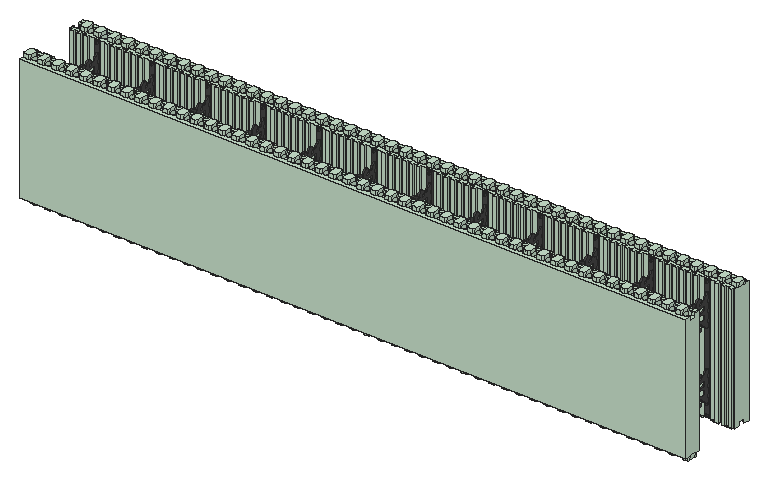
Revit family (continued)
Definition of nested family "6-inch Web"
  Forms (mm)
    Extrusion 1, solid, material "Polypropylene- NUDURA"
      sketch origin (0, 0, -12.7) x (0, 1, 0) y (0, 0, 1)
        loop
          line (-68.453, 111.856) -> (-71.367, 111.856) -> (-71.367, 110.078) -> (-69.913, 110.078)
          arc (-69.913, 110.078) -> (-68.791, 109.613) -> (-68.326, 108.491) r 1.588
          line (-68.326, 108.491) -> (-68.326, 94.902)
          arc (-68.326, 94.902) -> (-68.791, 93.779) -> (-69.913, 93.314) r 1.588
          line (-69.913, 93.314) -> (-71.367, 93.314) -> (-71.367, 91.536) -> (-68.453, 91.536)
          arc (-68.453, 91.536) -> (-67.176, 91.685) -> (-65.908, 91.899) r 25.4
        loop
          arc (-68.453, 124.556) -> (-67.092, 124.361) -> (-65.821, 123.837) r 5.556
          arc (-65.821, 123.837) -> (-58.287, 121.411) -> (-50.426, 120.492) r 40.64
          line (-50.426, 120.492) -> (-9.884, 120.492)
          arc (-9.884, 120.492) -> (-4.076, 125.704) -> (-8.63, 132.04) r 5.842
          line (-8.63, 132.04) -> (-64.795, 144.272)
          arc (-64.795, 144.272) -> (-66.613, 144.641) -> (-68.453, 144.876) r 25.4
          line (-68.453, 144.876) -> (-71.367, 144.876) -> (-71.367, 143.098) -> (-69.913, 143.098)
          arc (-69.913, 143.098) -> (-68.791, 142.633) -> (-68.326, 141.511) r 1.588
          line (-68.326, 141.511) -> (-68.326, 127.922)
          arc (-68.326, 127.922) -> (-68.791, 126.799) -> (-69.913, 126.334) r 1.588
          line (-69.913, 126.334) -> (-71.367, 126.334) -> (-71.367, 124.556) -> (-68.453, 124.556)
        loop
          arc (81.026, 25.02) -> (80.867, 24.651) -> (80.49, 24.513) r 0.508
          line (80.49, 24.513) -> (76.482, 24.735)
          arc (76.482, 24.735) -> (76.105, 24.597) -> (75.946, 24.228) r 0.508
          line (75.946, 24.228) -> (75.946, 22.419)
          arc (75.946, 22.419) -> (76.051, 22.033) -> (76.338, 21.753) r 0.762
          line (76.338, 21.753) -> (80.634, 19.367)
          arc (80.634, 19.367) -> (80.921, 19.087) -> (81.026, 18.7) r 0.762
          line (81.026, 18.7) -> (81.026, 25.02)
        loop
          line (-81.026, 25.02) -> (-81.026, 18.7)
          arc (-81.026, 18.7) -> (-80.921, 19.087) -> (-80.634, 19.367) r 0.762
          line (-80.634, 19.367) -> (-76.338, 21.753)
          arc (-76.338, 21.753) -> (-76.051, 22.033) -> (-75.946, 22.419) r 0.762
          line (-75.946, 22.419) -> (-75.946, 24.228)
          arc (-75.946, 24.228) -> (-76.105, 24.597) -> (-76.482, 24.735) r 0.508
          line (-76.482, 24.735) -> (-80.49, 24.513)
          arc (-80.49, 24.513) -> (-80.867, 24.651) -> (-81.026, 25.02) r 0.508
        loop
          line (76.073, 391.064) -> (76.073, 403.763) -> (73.264, 403.763) -> (73.264, 405.542) -> (79.438, 405.542)
          arc (79.438, 405.542) -> (80.561, 405.077) -> (81.026, 403.954) r 1.587
          line (81.026, 403.954) -> (81.026, 426.804)
          arc (81.026, 426.804) -> (78.695, 419.472) -> (72.559, 414.83) r 12.7
          arc (72.559, 414.83) -> (69.491, 412.51) -> (68.326, 408.844) r 6.35
          line (68.326, 408.844) -> (68.326, 407.129)
          arc (68.326, 407.129) -> (68.791, 406.007) -> (69.913, 405.542) r 1.588
          line (69.913, 405.542) -> (71.367, 405.542) -> (71.367, 403.763) -> (68.453, 403.763)
          arc (68.453, 403.763) -> (63.342, 403.992) -> (58.381, 405.241) r 25.4
          arc (58.381, 405.241) -> (56.106, 404.77) -> (55.418, 402.551) r 2.286
          arc (55.418, 402.551) -> (44.309, 393.89) -> (45.002, 407.959) r 7.747
          arc (45.002, 407.959) -> (48.114, 415.222) -> (40.85, 418.335) r 5.588
          arc (40.85, 418.335) -> (33.539, 413.113) -> (29.461, 405.108) r 18.923
          arc (29.461, 405.108) -> (27.769, 397.197) -> (25.249, 389.51) r 76.2
          arc (25.249, 389.51) -> (12.33, 387.833) -> (16.15, 400.288) r 7.747
          arc (16.15, 400.288) -> (20.591, 405.985) -> (16.474, 411.922) r 6.096
          arc (16.474, 411.922) -> (8.351, 413.976) -> (0, 414.667) r 50.8
          arc (0, 414.667) -> (-8.351, 413.976) -> (-16.474, 411.922) r 50.8
          arc (-16.474, 411.922) -> (-20.591, 405.985) -> (-16.15, 400.288) r 6.096
          arc (-16.15, 400.288) -> (-12.33, 387.833) -> (-25.249, 389.51) r 7.747
          arc (-25.249, 389.51) -> (-27.769, 397.197) -> (-29.461, 405.108) r 76.2
          arc (-29.461, 405.108) -> (-33.539, 413.113) -> (-40.85, 418.335) r 18.923
          arc (-40.85, 418.335) -> (-48.114, 415.222) -> (-45.002, 407.959) r 5.588
          arc (-45.002, 407.959) -> (-44.309, 393.89) -> (-55.418, 402.551) r 7.747
          arc (-55.418, 402.551) -> (-56.106, 404.77) -> (-58.381, 405.241) r 2.286
          arc (-58.381, 405.241) -> (-63.342, 403.992) -> (-68.453, 403.763) r 25.4
          line (-68.453, 403.763) -> (-71.367, 403.763) -> (-71.367, 405.542) -> (-69.913, 405.542)
          arc (-69.913, 405.542) -> (-68.791, 406.007) -> (-68.326, 407.129) r 1.588
          line (-68.326, 407.129) -> (-68.326, 408.844)
          arc (-68.326, 408.844) -> (-69.491, 412.51) -> (-72.559, 414.83) r 6.35
          arc (-72.559, 414.83) -> (-78.695, 419.472) -> (-81.026, 426.804) r 12.7
          line (-81.026, 426.804) -> (-81.026, 403.954)
          arc (-81.026, 403.954) -> (-80.561, 405.077) -> (-79.438, 405.542) r 1.587
          line (-79.438, 405.542) -> (-73.264, 405.542) -> (-73.264, 403.763) -> (-76.073, 403.763) -> (-76.073, 391.064) -> (-73.264, 391.064) -> (-73.264, 389.286) -> (-79.438, 389.286)
          arc (-79.438, 389.286) -> (-80.561, 389.751) -> (-81.026, 390.873) r 1.587
          line (-81.026, 390.873) -> (-81.026, 370.934)
          arc (-81.026, 370.934) -> (-80.561, 372.057) -> (-79.438, 372.522) r 1.587
          line (-79.438, 372.522) -> (-73.264, 372.522) -> (-73.264, 370.744) -> (-76.073, 370.744) -> (-76.073, 358.044) -> (-73.264, 358.044) -> (-73.264, 356.266) -> (-79.438, 356.266)
          arc (-79.438, 356.266) -> (-80.561, 356.731) -> (-81.026, 357.853) r 1.587
          line (-81.026, 357.853) -> (-81.026, 337.914)
          arc (-81.026, 337.914) -> (-80.561, 339.037) -> (-79.438, 339.502) r 1.587
          line (-79.438, 339.502) -> (-73.264, 339.502) -> (-73.264, 337.724) -> (-76.073, 337.724) -> (-76.073, 325.024) -> (-73.264, 325.024) -> (-73.264, 323.246) -> (-79.438, 323.246)
          arc (-79.438, 323.246) -> (-80.561, 323.711) -> (-81.026, 324.833) r 1.588
          line (-81.026, 324.833) -> (-81.026, 309.603) -> (-78.486, 309.603)
          arc (-78.486, 309.603) -> (-75.845, 312.218) -> (-72.559, 313.957) r 12.7
          arc (-72.559, 313.957) -> (-69.491, 316.277) -> (-68.326, 319.944) r 6.35
          line (-68.326, 319.944) -> (-68.326, 321.658)
          arc (-68.326, 321.658) -> (-68.791, 322.781) -> (-69.913, 323.246) r 1.588
          line (-69.913, 323.246) -> (-71.367, 323.246) -> (-71.367, 325.024) -> (-68.453, 325.024)
          arc (-68.453, 325.024) -> (-63.342, 324.795) -> (-58.381, 323.547) r 25.4
          arc (-58.381, 323.547) -> (-56.106, 324.017) -> (-55.418, 326.236) r 2.286
          arc (-55.418, 326.236) -> (-44.309, 334.897) -> (-45.002, 320.829) r 7.747
          arc (-45.002, 320.829) -> (-48.114, 313.565) -> (-40.85, 310.452) r 5.588
          arc (-40.85, 310.452) -> (-33.539, 315.674) -> (-29.461, 323.679) r 18.923
          arc (-29.461, 323.679) -> (-27.769, 331.59) -> (-25.249, 339.277) r 76.2
          arc (-25.249, 339.277) -> (-12.33, 340.954) -> (-16.15, 328.5) r 7.747
          arc (-16.15, 328.5) -> (-20.591, 322.802) -> (-16.474, 316.865) r 6.096
          arc (-16.474, 316.865) -> (-8.351, 314.811) -> (0, 314.12) r 50.8
          arc (0, 314.12) -> (8.351, 314.811) -> (16.474, 316.865) r 50.8
          arc (16.474, 316.865) -> (20.591, 322.802) -> (16.15, 328.5) r 6.096
          arc (16.15, 328.5) -> (12.33, 340.954) -> (25.249, 339.277) r 7.747
          arc (25.249, 339.277) -> (27.769, 331.59) -> (29.461, 323.679) r 76.2
          arc (29.461, 323.679) -> (33.539, 315.674) -> (40.85, 310.452) r 18.923
          arc (40.85, 310.452) -> (48.114, 313.565) -> (45.002, 320.829) r 5.588
          arc (45.002, 320.829) -> (44.309, 334.897) -> (55.418, 326.236) r 7.747
          arc (55.418, 326.236) -> (56.106, 324.017) -> (58.381, 323.547) r 2.286
          arc (58.381, 323.547) -> (63.342, 324.795) -> (68.453, 325.024) r 25.4
          line (68.453, 325.024) -> (71.367, 325.024) -> (71.367, 323.246) -> (69.913, 323.246)
          arc (69.913, 323.246) -> (68.791, 322.781) -> (68.326, 321.658) r 1.588
          line (68.326, 321.658) -> (68.326, 319.944)
          arc (68.326, 319.944) -> (69.491, 316.277) -> (72.559, 313.957) r 6.35
          arc (72.559, 313.957) -> (75.845, 312.218) -> (78.486, 309.603) r 12.7
          line (78.486, 309.603) -> (81.026, 309.603) -> (81.026, 324.833)
          arc (81.026, 324.833) -> (80.561, 323.711) -> (79.438, 323.246) r 1.588
          line (79.438, 323.246) -> (73.264, 323.246) -> (73.264, 325.024) -> (76.073, 325.024) -> (76.073, 337.724) -> (73.264, 337.724) -> (73.264, 339.502) -> (79.438, 339.502)
          arc (79.438, 339.502) -> (80.561, 339.037) -> (81.026, 337.914) r 1.587
          line (81.026, 337.914) -> (81.026, 357.853)
          arc (81.026, 357.853) -> (80.561, 356.731) -> (79.438, 356.266) r 1.587
          line (79.438, 356.266) -> (73.264, 356.266) -> (73.264, 358.044) -> (76.073, 358.044) -> (76.073, 370.744) -> (73.264, 370.744) -> (73.264, 372.522) -> (79.438, 372.522)
          arc (79.438, 372.522) -> (80.561, 372.057) -> (81.026, 370.934) r 1.587
          line (81.026, 370.934) -> (81.026, 390.873)
          arc (81.026, 390.873) -> (80.561, 389.751) -> (79.438, 389.286) r 1.587
          line (79.438, 389.286) -> (73.264, 389.286) -> (73.264, 391.064) -> (76.073, 391.064)
        loop
          line (9.884, 366.68) -> (50.426, 366.68)
          arc (50.426, 366.68) -> (58.287, 367.599) -> (65.821, 370.024) r 40.64
          arc (65.821, 370.024) -> (67.092, 370.548) -> (68.453, 370.744) r 5.556
          line (68.453, 370.744) -> (71.367, 370.744) -> (71.367, 372.522) -> (69.913, 372.522)
          arc (69.913, 372.522) -> (68.791, 372.987) -> (68.326, 374.109) r 1.588
          line (68.326, 374.109) -> (68.326, 387.698)
          arc (68.326, 387.698) -> (68.791, 388.821) -> (69.913, 389.286) r 1.588
          line (69.913, 389.286) -> (71.367, 389.286) -> (71.367, 391.064) -> (68.453, 391.064)
          arc (68.453, 391.064) -> (66.613, 390.828) -> (64.795, 390.459) r 25.4
          line (64.795, 390.459) -> (8.63, 378.227)
          arc (8.63, 378.227) -> (4.076, 371.891) -> (9.884, 366.68) r 5.842
        loop
          arc (68.453, 358.044) -> (67.092, 358.239) -> (65.821, 358.763) r 5.556
          arc (65.821, 358.763) -> (58.287, 361.189) -> (50.426, 362.108) r 40.64
          line (50.426, 362.108) -> (9.884, 362.108)
          arc (9.884, 362.108) -> (4.076, 356.896) -> (8.63, 350.56) r 5.842
          line (8.63, 350.56) -> (64.795, 338.328)
          arc (64.795, 338.328) -> (66.613, 337.959) -> (68.453, 337.724) r 25.4
          line (68.453, 337.724) -> (71.367, 337.724) -> (71.367, 339.502) -> (69.913, 339.502)
          arc (69.913, 339.502) -> (68.791, 339.967) -> (68.326, 341.089) r 1.588
          line (68.326, 341.089) -> (68.326, 354.678)
          arc (68.326, 354.678) -> (68.791, 355.801) -> (69.913, 356.266) r 1.588
          line (69.913, 356.266) -> (71.367, 356.266) -> (71.367, 358.044) -> (68.453, 358.044)
        loop
          arc (-65.908, 390.701) -> (-67.176, 390.915) -> (-68.453, 391.064) r 25.4
          line (-68.453, 391.064) -> (-71.367, 391.064) -> (-71.367, 389.286) -> (-69.913, 389.286)
          arc (-69.913, 389.286) -> (-68.791, 388.821) -> (-68.326, 387.698) r 1.588
          line (-68.326, 387.698) -> (-68.326, 374.109)
          arc (-68.326, 374.109) -> (-68.791, 372.987) -> (-69.913, 372.522) r 1.588
          line (-69.913, 372.522) -> (-71.367, 372.522) -> (-71.367, 370.744) -> (-68.453, 370.744)
          arc (-68.453, 370.744) -> (-67.092, 370.548) -> (-65.821, 370.024) r 5.556
          arc (-65.821, 370.024) -> (-58.287, 367.599) -> (-50.426, 366.68) r 40.64
          line (-50.426, 366.68) -> (-9.884, 366.68)
          arc (-9.884, 366.68) -> (-4.076, 371.891) -> (-8.63, 378.227) r 5.842
          line (-8.63, 378.227) -> (-65.908, 390.701)
        loop
          line (-68.453, 358.044) -> (-71.367, 358.044) -> (-71.367, 356.266) -> (-69.913, 356.266)
          arc (-69.913, 356.266) -> (-68.791, 355.801) -> (-68.326, 354.678) r 1.588
          line (-68.326, 354.678) -> (-68.326, 341.089)
          arc (-68.326, 341.089) -> (-68.791, 339.967) -> (-69.913, 339.502) r 1.588
          line (-69.913, 339.502) -> (-71.367, 339.502) -> (-71.367, 337.724) -> (-68.453, 337.724)
          arc (-68.453, 337.724) -> (-66.613, 337.959) -> (-64.795, 338.328) r 25.4
          line (-64.795, 338.328) -> (-8.63, 350.56)
          arc (-8.63, 350.56) -> (-4.076, 356.896) -> (-9.884, 362.108) r 5.842
          line (-9.884, 362.108) -> (-50.426, 362.108)
          arc (-50.426, 362.108) -> (-58.287, 361.189) -> (-65.821, 358.763) r 40.64
          arc (-65.821, 358.763) -> (-67.092, 358.239) -> (-68.453, 358.044) r 5.556
        loop
          line (81.026, 457.58) -> (81.026, 463.9)
          arc (81.026, 463.9) -> (80.921, 463.513) -> (80.634, 463.233) r 0.762
          line (80.634, 463.233) -> (76.338, 460.847)
          arc (76.338, 460.847) -> (76.051, 460.567) -> (75.946, 460.181) r 0.762
          line (75.946, 460.181) -> (75.946, 458.372)
          arc (75.946, 458.372) -> (76.105, 458.003) -> (76.482, 457.865) r 0.508
          line (76.482, 457.865) -> (80.49, 458.087)
          arc (80.49, 458.087) -> (80.867, 457.949) -> (81.026, 457.58) r 0.508
        loop
          arc (-81.026, 457.58) -> (-80.867, 457.949) -> (-80.49, 458.087) r 0.508
          line (-80.49, 458.087) -> (-76.482, 457.865)
          arc (-76.482, 457.865) -> (-76.105, 458.003) -> (-75.946, 458.372) r 0.508
          line (-75.946, 458.372) -> (-75.946, 460.181)
          arc (-75.946, 460.181) -> (-76.051, 460.567) -> (-76.338, 460.847) r 0.762
          line (-76.338, 460.847) -> (-80.634, 463.233)
          arc (-80.634, 463.233) -> (-80.921, 463.513) -> (-81.026, 463.9) r 0.762
          line (-81.026, 463.9) -> (-81.026, 457.58)
      from -3.175 to 3.175
    Extrusion 2, solid, material "Polypropylene- NUDURA"
      sketch origin (0, 0, 0) x (0, 1, 0) y (0, 0, 1)
        loop
          line (81.026, 452.438) -> (81.026, 4.762)
          arc (81.026, 4.762) -> (81.514, 3.618) -> (82.677, 3.176) r 1.588
          arc (82.677, 3.176) -> (83.84, 3.618) -> (84.328, 4.762) r 1.588
          line (84.328, 4.762) -> (84.328, 452.437)
          arc (84.328, 452.437) -> (83.84, 453.582) -> (82.677, 454.024) r 1.588
          arc (82.677, 454.024) -> (81.514, 453.582) -> (81.026, 452.438) r 1.588
        loop
          arc (-81.026, 452.438) -> (-81.514, 453.582) -> (-82.677, 454.024) r 1.588
          arc (-82.677, 454.024) -> (-83.84, 453.582) -> (-84.328, 452.437) r 1.588
          line (-84.328, 452.437) -> (-84.328, 4.762)
          arc (-84.328, 4.762) -> (-83.84, 3.618) -> (-82.677, 3.176) r 1.588
          arc (-82.677, 3.176) -> (-81.514, 3.618) -> (-81.026, 4.762) r 1.588
          line (-81.026, 4.762) -> (-81.026, 452.438)
      from -9.227 to 9.227
Definition of nested family "NUDURA Diamond Pattern"
  Reference planes
    plane 1 "Center (Front/Back)": y = 0
    plane 2: z = 0
    plane 3 "Center (Left/Right)": x = 0
    plane 4: z = 457.2
  Lines and regions (mm)
    model lines
      curve 1: line (203.2, -142.875, 457.2) -> (203.2, -142.875, 0)
      curve 2: line (152.4, -142.875, 457.2) -> (152.4, -142.875, 0)
      curve 3: line (50.8, -142.875, 457.2) -> (50.8, -142.875, 0)
      curve 4: line (85.183, -142.875, 431.415) -> (93.906, -142.875, 422.692)
      curve 5: arc (85.183, -142.875, 444.885) -> (82.394, -142.875, 438.15) -> (85.183, -142.875, 431.415) r 9.525
      curve 6: line (94.708, -142.875, 454.41) -> (85.183, -142.875, 444.885)
      curve 7: arc (108.179, -142.875, 454.41) -> (101.444, -142.875, 457.2) -> (94.708, -142.875, 454.41) r 9.525
      curve 8: line (117.704, -142.875, 444.885) -> (108.179, -142.875, 454.41)
      curve 9: arc (117.704, -142.875, 431.415) -> (120.494, -142.875, 438.15) -> (117.704, -142.875, 444.885) r 9.525
      curve 10: line (108.981, -142.875, 422.692) -> (117.704, -142.875, 431.415)
      curve 11: arc (105.934, -142.875, 452.165) -> (101.444, -142.875, 454.025) -> (96.953, -142.875, 452.165) r 6.35
      curve 12: line (115.459, -142.875, 442.64) -> (105.934, -142.875, 452.165)
      curve 13: arc (115.459, -142.875, 433.66) -> (117.319, -142.875, 438.15) -> (115.459, -142.875, 442.64) r 6.35
      curve 14: line (105.934, -142.875, 424.135) -> (115.459, -142.875, 433.66)
      curve 15: arc (96.953, -142.875, 424.135) -> (101.444, -142.875, 422.275) -> (105.934, -142.875, 424.135) r 6.35
      curve 16: line (87.428, -142.875, 433.66) -> (96.953, -142.875, 424.135)
      curve 17: arc (87.428, -142.875, 442.64) -> (85.569, -142.875, 438.15) -> (87.428, -142.875, 433.66) r 6.35
      curve 18: line (96.953, -142.875, 452.165) -> (87.428, -142.875, 442.64)
      curve 19: arc (93.906, -142.875, 415.508) -> (95.394, -142.875, 419.1) -> (93.906, -142.875, 422.692) r 5.08
      curve 20: line (117.704, -142.875, 406.785) -> (108.981, -142.875, 415.508)
      curve 21: arc (117.704, -142.875, 393.315) -> (120.494, -142.875, 400.05) -> (117.704, -142.875, 406.785) r 9.525
      curve 22: line (108.981, -142.875, 384.592) -> (117.704, -142.875, 393.315)
      curve 23: line (85.183, -142.875, 393.315) -> (93.906, -142.875, 384.592)
      curve 24: arc (85.183, -142.875, 406.785) -> (82.394, -142.875, 400.05) -> (85.183, -142.875, 393.315) r 9.525
      curve 25: line (93.906, -142.875, 415.508) -> (85.183, -142.875, 406.785)
      curve 26: arc (105.934, -142.875, 414.065) -> (101.444, -142.875, 415.925) -> (96.953, -142.875, 414.065) r 6.35
      curve 27: line (96.953, -142.875, 414.065) -> (87.428, -142.875, 404.54)
      curve 28: arc (87.428, -142.875, 404.54) -> (85.569, -142.875, 400.05) -> (87.428, -142.875, 395.56) r 6.35
      curve 29: line (87.428, -142.875, 395.56) -> (96.953, -142.875, 386.035)
      curve 30: arc (96.953, -142.875, 386.035) -> (101.444, -142.875, 384.175) -> (105.934, -142.875, 386.035) r 6.35
      curve 31: line (105.934, -142.875, 386.035) -> (115.459, -142.875, 395.56)
      curve 32: arc (115.459, -142.875, 395.56) -> (117.319, -142.875, 400.05) -> (115.459, -142.875, 404.54) r 6.35
      curve 33: line (115.459, -142.875, 404.54) -> (105.934, -142.875, 414.065)
      curve 34: arc (93.906, -142.875, 377.408) -> (95.394, -142.875, 381) -> (93.906, -142.875, 384.592) r 5.08
      curve 35: line (117.704, -142.875, 368.685) -> (108.981, -142.875, 377.408)
      curve 36: arc (117.704, -142.875, 355.215) -> (120.494, -142.875, 361.95) -> (117.704, -142.875, 368.685) r 9.525
      curve 37: line (108.981, -142.875, 346.492) -> (117.704, -142.875, 355.215)
      curve 38: line (85.183, -142.875, 355.215) -> (93.906, -142.875, 346.492)
      curve 39: arc (85.183, -142.875, 368.685) -> (82.394, -142.875, 361.95) -> (85.183, -142.875, 355.215) r 9.525
      curve 40: line (93.906, -142.875, 377.408) -> (85.183, -142.875, 368.685)
      curve 41: arc (105.934, -142.875, 375.965) -> (101.444, -142.875, 377.825) -> (96.953, -142.875, 375.965) r 6.35
      curve 42: line (96.953, -142.875, 375.965) -> (87.428, -142.875, 366.44)
      curve 43: arc (87.428, -142.875, 366.44) -> (85.569, -142.875, 361.95) -> (87.428, -142.875, 357.46) r 6.35
      curve 44: line (87.428, -142.875, 357.46) -> (96.953, -142.875, 347.935)
      curve 45: arc (96.953, -142.875, 347.935) -> (101.444, -142.875, 346.075) -> (105.934, -142.875, 347.935) r 6.35
      curve 46: line (105.934, -142.875, 347.935) -> (115.459, -142.875, 357.46)
      curve 47: arc (115.459, -142.875, 357.46) -> (117.319, -142.875, 361.95) -> (115.459, -142.875, 366.44) r 6.35
      curve 48: line (115.459, -142.875, 366.44) -> (105.934, -142.875, 375.965)
      curve 49: arc (93.906, -142.875, 339.308) -> (95.394, -142.875, 342.9) -> (93.906, -142.875, 346.492) r 5.08
      curve 50: line (117.704, -142.875, 330.585) -> (108.981, -142.875, 339.308)
      curve 51: arc (117.704, -142.875, 317.115) -> (120.494, -142.875, 323.85) -> (117.704, -142.875, 330.585) r 9.525
      curve 52: line (108.981, -142.875, 308.392) -> (117.704, -142.875, 317.115)
      curve 53: line (85.183, -142.875, 317.115) -> (93.906, -142.875, 308.392)
      curve 54: arc (85.183, -142.875, 330.585) -> (82.394, -142.875, 323.85) -> (85.183, -142.875, 317.115) r 9.525
      curve 55: line (93.906, -142.875, 339.308) -> (85.183, -142.875, 330.585)
      curve 56: arc (105.934, -142.875, 337.865) -> (101.444, -142.875, 339.725) -> (96.953, -142.875, 337.865) r 6.35
      curve 57: line (96.953, -142.875, 337.865) -> (87.428, -142.875, 328.34)
      curve 58: arc (87.428, -142.875, 328.34) -> (85.569, -142.875, 323.85) -> (87.428, -142.875, 319.36) r 6.35
      curve 59: line (87.428, -142.875, 319.36) -> (96.953, -142.875, 309.835)
      curve 60: arc (96.953, -142.875, 309.835) -> (101.444, -142.875, 307.975) -> (105.934, -142.875, 309.835) r 6.35
      curve 61: line (105.934, -142.875, 309.835) -> (115.459, -142.875, 319.36)
      curve 62: arc (115.459, -142.875, 319.36) -> (117.319, -142.875, 323.85) -> (115.459, -142.875, 328.34) r 6.35
      curve 63: line (115.459, -142.875, 328.34) -> (105.934, -142.875, 337.865)
      curve 64: arc (93.906, -142.875, 301.208) -> (95.394, -142.875, 304.8) -> (93.906, -142.875, 308.392) r 5.08
      curve 65: line (117.704, -142.875, 292.485) -> (108.981, -142.875, 301.208)
      curve 66: arc (117.704, -142.875, 279.015) -> (120.494, -142.875, 285.75) -> (117.704, -142.875, 292.485) r 9.525
      curve 67: line (108.981, -142.875, 270.292) -> (117.704, -142.875, 279.015)
      curve 68: line (85.183, -142.875, 279.015) -> (93.906, -142.875, 270.292)
      curve 69: arc (85.183, -142.875, 292.485) -> (82.394, -142.875, 285.75) -> (85.183, -142.875, 279.015) r 9.525
      curve 70: line (93.906, -142.875, 301.208) -> (85.183, -142.875, 292.485)
      curve 71: arc (105.934, -142.875, 299.765) -> (101.444, -142.875, 301.625) -> (96.953, -142.875, 299.765) r 6.35
      curve 72: line (96.953, -142.875, 299.765) -> (87.428, -142.875, 290.24)
      curve 73: arc (87.428, -142.875, 290.24) -> (85.569, -142.875, 285.75) -> (87.428, -142.875, 281.26) r 6.35
      curve 74: line (87.428, -142.875, 281.26) -> (96.953, -142.875, 271.735)
      curve 75: arc (96.953, -142.875, 271.735) -> (101.444, -142.875, 269.875) -> (105.934, -142.875, 271.735) r 6.35
      curve 76: line (105.934, -142.875, 271.735) -> (115.459, -142.875, 281.26)
      curve 77: arc (115.459, -142.875, 281.26) -> (117.319, -142.875, 285.75) -> (115.459, -142.875, 290.24) r 6.35
      curve 78: line (115.459, -142.875, 290.24) -> (105.934, -142.875, 299.765)
      curve 79: arc (93.906, -142.875, 263.108) -> (95.394, -142.875, 266.7) -> (93.906, -142.875, 270.292) r 5.08
      curve 80: line (117.704, -142.875, 254.385) -> (108.981, -142.875, 263.108)
      curve 81: arc (117.704, -142.875, 240.915) -> (120.494, -142.875, 247.65) -> (117.704, -142.875, 254.385) r 9.525
      curve 82: line (108.981, -142.875, 232.192) -> (117.704, -142.875, 240.915)
      curve 83: line (85.183, -142.875, 240.915) -> (93.906, -142.875, 232.192)
      curve 84: arc (85.183, -142.875, 254.385) -> (82.394, -142.875, 247.65) -> (85.183, -142.875, 240.915) r 9.525
      curve 85: line (93.906, -142.875, 263.108) -> (85.183, -142.875, 254.385)
      curve 86: arc (105.934, -142.875, 261.665) -> (101.444, -142.875, 263.525) -> (96.953, -142.875, 261.665) r 6.35
      curve 87: line (96.953, -142.875, 261.665) -> (87.428, -142.875, 252.14)
      curve 88: arc (87.428, -142.875, 252.14) -> (85.569, -142.875, 247.65) -> (87.428, -142.875, 243.16) r 6.35
      curve 89: line (87.428, -142.875, 243.16) -> (96.953, -142.875, 233.635)
      curve 90: arc (96.953, -142.875, 233.635) -> (101.444, -142.875, 231.775) -> (105.934, -142.875, 233.635) r 6.35
      curve 91: line (105.934, -142.875, 233.635) -> (115.459, -142.875, 243.16)
      curve 92: arc (115.459, -142.875, 243.16) -> (117.319, -142.875, 247.65) -> (115.459, -142.875, 252.14) r 6.35
      curve 93: line (115.459, -142.875, 252.14) -> (105.934, -142.875, 261.665)
      curve 94: arc (93.906, -142.875, 225.008) -> (95.394, -142.875, 228.6) -> (93.906, -142.875, 232.192) r 5.08
      curve 95: line (117.704, -142.875, 216.285) -> (108.981, -142.875, 225.008)
      curve 96: arc (117.704, -142.875, 202.815) -> (120.494, -142.875, 209.55) -> (117.704, -142.875, 216.285) r 9.525
      curve 97: line (108.981, -142.875, 194.092) -> (117.704, -142.875, 202.815)
      curve 98: line (85.183, -142.875, 202.815) -> (93.906, -142.875, 194.092)
      curve 99: arc (85.183, -142.875, 216.285) -> (82.394, -142.875, 209.55) -> (85.183, -142.875, 202.815) r 9.525
      curve 100: line (93.906, -142.875, 225.008) -> (85.183, -142.875, 216.285)
      curve 101: arc (105.934, -142.875, 223.565) -> (101.444, -142.875, 225.425) -> (96.953, -142.875, 223.565) r 6.35
      curve 102: line (96.953, -142.875, 223.565) -> (87.428, -142.875, 214.04)
      curve 103: arc (87.428, -142.875, 214.04) -> (85.569, -142.875, 209.55) -> (87.428, -142.875, 205.06) r 6.35
      curve 104: line (87.428, -142.875, 205.06) -> (96.953, -142.875, 195.535)
      curve 105: arc (96.953, -142.875, 195.535) -> (101.444, -142.875, 193.675) -> (105.934, -142.875, 195.535) r 6.35
      curve 106: line (105.934, -142.875, 195.535) -> (115.459, -142.875, 205.06)
      curve 107: arc (115.459, -142.875, 205.06) -> (117.319, -142.875, 209.55) -> (115.459, -142.875, 214.04) r 6.35
      curve 108: line (115.459, -142.875, 214.04) -> (105.934, -142.875, 223.565)
      curve 109: arc (93.906, -142.875, 186.908) -> (95.394, -142.875, 190.5) -> (93.906, -142.875, 194.092) r 5.08
      curve 110: line (117.704, -142.875, 178.185) -> (108.981, -142.875, 186.908)
      curve 111: arc (117.704, -142.875, 164.715) -> (120.494, -142.875, 171.45) -> (117.704, -142.875, 178.185) r 9.525
      curve 112: line (108.981, -142.875, 155.992) -> (117.704, -142.875, 164.715)
      curve 113: line (85.183, -142.875, 164.715) -> (93.906, -142.875, 155.992)
      curve 114: arc (85.183, -142.875, 178.185) -> (82.394, -142.875, 171.45) -> (85.183, -142.875, 164.715) r 9.525
      curve 115: line (93.906, -142.875, 186.908) -> (85.183, -142.875, 178.185)
      curve 116: arc (105.934, -142.875, 185.465) -> (101.444, -142.875, 187.325) -> (96.953, -142.875, 185.465) r 6.35
      curve 117: line (96.953, -142.875, 185.465) -> (87.428, -142.875, 175.94)
      curve 118: arc (87.428, -142.875, 175.94) -> (85.569, -142.875, 171.45) -> (87.428, -142.875, 166.96) r 6.35
      curve 119: line (87.428, -142.875, 166.96) -> (96.953, -142.875, 157.435)
      curve 120: arc (96.953, -142.875, 157.435) -> (101.444, -142.875, 155.575) -> (105.934, -142.875, 157.435) r 6.35
      curve 121: line (105.934, -142.875, 157.435) -> (115.459, -142.875, 166.96)
      curve 122: arc (115.459, -142.875, 166.96) -> (117.319, -142.875, 171.45) -> (115.459, -142.875, 175.94) r 6.35
      curve 123: line (115.459, -142.875, 175.94) -> (105.934, -142.875, 185.465)
      curve 124: arc (93.906, -142.875, 148.808) -> (95.394, -142.875, 152.4) -> (93.906, -142.875, 155.992) r 5.08
      curve 125: line (117.704, -142.875, 140.085) -> (108.981, -142.875, 148.808)
      curve 126: arc (117.704, -142.875, 126.615) -> (120.494, -142.875, 133.35) -> (117.704, -142.875, 140.085) r 9.525
      curve 127: line (108.981, -142.875, 117.892) -> (117.704, -142.875, 126.615)
      curve 128: line (85.183, -142.875, 126.615) -> (93.906, -142.875, 117.892)
      curve 129: arc (85.183, -142.875, 140.085) -> (82.394, -142.875, 133.35) -> (85.183, -142.875, 126.615) r 9.525
      curve 130: line (93.906, -142.875, 148.808) -> (85.183, -142.875, 140.085)
      curve 131: arc (105.934, -142.875, 147.365) -> (101.444, -142.875, 149.225) -> (96.953, -142.875, 147.365) r 6.35
      curve 132: line (96.953, -142.875, 147.365) -> (87.428, -142.875, 137.84)
      curve 133: arc (87.428, -142.875, 137.84) -> (85.569, -142.875, 133.35) -> (87.428, -142.875, 128.86) r 6.35
      curve 134: line (87.428, -142.875, 128.86) -> (96.953, -142.875, 119.335)
      curve 135: arc (96.953, -142.875, 119.335) -> (101.444, -142.875, 117.475) -> (105.934, -142.875, 119.335) r 6.35
      curve 136: line (105.934, -142.875, 119.335) -> (115.459, -142.875, 128.86)
      curve 137: arc (115.459, -142.875, 128.86) -> (117.319, -142.875, 133.35) -> (115.459, -142.875, 137.84) r 6.35
      curve 138: line (115.459, -142.875, 137.84) -> (105.934, -142.875, 147.365)
      curve 139: arc (93.906, -142.875, 110.708) -> (95.394, -142.875, 114.3) -> (93.906, -142.875, 117.892) r 5.08
      curve 140: line (117.704, -142.875, 101.985) -> (108.981, -142.875, 110.708)
      curve 141: arc (117.704, -142.875, 88.515) -> (120.494, -142.875, 95.25) -> (117.704, -142.875, 101.985) r 9.525
      curve 142: line (108.981, -142.875, 79.792) -> (117.704, -142.875, 88.515)
      curve 143: line (85.183, -142.875, 88.515) -> (93.906, -142.875, 79.792)
      curve 144: arc (85.183, -142.875, 101.985) -> (82.394, -142.875, 95.25) -> (85.183, -142.875, 88.515) r 9.525
      curve 145: line (93.906, -142.875, 110.708) -> (85.183, -142.875, 101.985)
      curve 146: arc (105.934, -142.875, 109.265) -> (101.444, -142.875, 111.125) -> (96.953, -142.875, 109.265) r 6.35
      curve 147: line (96.953, -142.875, 109.265) -> (87.428, -142.875, 99.74)
      curve 148: arc (87.428, -142.875, 99.74) -> (85.569, -142.875, 95.25) -> (87.428, -142.875, 90.76) r 6.35
      curve 149: line (87.428, -142.875, 90.76) -> (96.953, -142.875, 81.235)
      curve 150: arc (96.953, -142.875, 81.235) -> (101.444, -142.875, 79.375) -> (105.934, -142.875, 81.235) r 6.35
      curve 151: line (105.934, -142.875, 81.235) -> (115.459, -142.875, 90.76)
      curve 152: arc (115.459, -142.875, 90.76) -> (117.319, -142.875, 95.25) -> (115.459, -142.875, 99.74) r 6.35
      curve 153: line (115.459, -142.875, 99.74) -> (105.934, -142.875, 109.265)
      curve 154: arc (93.906, -142.875, 72.608) -> (95.394, -142.875, 76.2) -> (93.906, -142.875, 79.792) r 5.08
      curve 155: line (117.704, -142.875, 63.885) -> (108.981, -142.875, 72.608)
      curve 156: arc (117.704, -142.875, 50.415) -> (120.494, -142.875, 57.15) -> (117.704, -142.875, 63.885) r 9.525
      curve 157: line (108.981, -142.875, 41.692) -> (117.704, -142.875, 50.415)
      curve 158: line (85.183, -142.875, 50.415) -> (93.906, -142.875, 41.692)
      curve 159: arc (85.183, -142.875, 63.885) -> (82.394, -142.875, 57.15) -> (85.183, -142.875, 50.415) r 9.525
      curve 160: line (93.906, -142.875, 72.608) -> (85.183, -142.875, 63.885)
      curve 161: arc (105.934, -142.875, 71.165) -> (101.444, -142.875, 73.025) -> (96.953, -142.875, 71.165) r 6.35
      curve 162: line (96.953, -142.875, 71.165) -> (87.428, -142.875, 61.64)
      curve 163: arc (87.428, -142.875, 61.64) -> (85.569, -142.875, 57.15) -> (87.428, -142.875, 52.66) r 6.35
      curve 164: line (87.428, -142.875, 52.66) -> (96.953, -142.875, 43.135)
      curve 165: arc (96.953, -142.875, 43.135) -> (101.444, -142.875, 41.275) -> (105.934, -142.875, 43.135) r 6.35
      curve 166: line (105.934, -142.875, 43.135) -> (115.459, -142.875, 52.66)
      curve 167: arc (115.459, -142.875, 52.66) -> (117.319, -142.875, 57.15) -> (115.459, -142.875, 61.64) r 6.35
      curve 168: line (115.459, -142.875, 61.64) -> (105.934, -142.875, 71.165)
      curve 169: arc (93.906, -142.875, 34.508) -> (95.394, -142.875, 38.1) -> (93.906, -142.875, 41.692) r 5.08
      curve 170: line (93.906, -142.875, 34.508) -> (85.183, -142.875, 25.785)
      curve 171: arc (85.183, -142.875, 25.785) -> (82.394, -142.875, 19.05) -> (85.183, -142.875, 12.315) r 9.525
      curve 172: line (85.183, -142.875, 12.315) -> (94.708, -142.875, 2.79)
      curve 173: arc (94.708, -142.875, 2.79) -> (101.444, -142.875, 0) -> (108.179, -142.875, 2.79) r 9.525
      curve 174: line (108.179, -142.875, 2.79) -> (117.704, -142.875, 12.315)
      curve 175: arc (117.704, -142.875, 12.315) -> (120.494, -142.875, 19.05) -> (117.704, -142.875, 25.785) r 9.525
      curve 176: line (117.704, -142.875, 25.785) -> (108.981, -142.875, 34.508)
      curve 177: arc (108.981, -142.875, 41.692) -> (107.493, -142.875, 38.1) -> (108.981, -142.875, 34.508) r 5.08
      curve 178: arc (105.934, -142.875, 33.065) -> (101.444, -142.875, 34.925) -> (96.953, -142.875, 33.065) r 6.35
      curve 179: line (115.459, -142.875, 23.54) -> (105.934, -142.875, 33.065)
      curve 180: arc (115.459, -142.875, 14.56) -> (117.319, -142.875, 19.05) -> (115.459, -142.875, 23.54) r 6.35
      curve 181: line (105.934, -142.875, 5.035) -> (115.459, -142.875, 14.56)
      curve 182: arc (96.953, -142.875, 5.035) -> (101.444, -142.875, 3.175) -> (105.934, -142.875, 5.035) r 6.35
      curve 183: line (87.428, -142.875, 14.56) -> (96.953, -142.875, 5.035)
      curve 184: arc (87.428, -142.875, 23.54) -> (85.569, -142.875, 19.05) -> (87.428, -142.875, 14.56) r 6.35
      curve 185: line (96.953, -142.875, 33.065) -> (87.428, -142.875, 23.54)
      curve 186: arc (108.981, -142.875, 79.792) -> (107.493, -142.875, 76.2) -> (108.981, -142.875, 72.608) r 5.08
      curve 187: arc (108.981, -142.875, 117.892) -> (107.493, -142.875, 114.3) -> (108.981, -142.875, 110.708) r 5.08
      curve 188: arc (108.981, -142.875, 155.992) -> (107.493, -142.875, 152.4) -> (108.981, -142.875, 148.808) r 5.08
      curve 189: arc (108.981, -142.875, 194.092) -> (107.493, -142.875, 190.5) -> (108.981, -142.875, 186.908) r 5.08
      curve 190: arc (108.981, -142.875, 232.192) -> (107.493, -142.875, 228.6) -> (108.981, -142.875, 225.008) r 5.08
      curve 191: arc (108.981, -142.875, 270.292) -> (107.493, -142.875, 266.7) -> (108.981, -142.875, 263.108) r 5.08
      curve 192: arc (108.981, -142.875, 308.392) -> (107.493, -142.875, 304.8) -> (108.981, -142.875, 301.208) r 5.08
      curve 193: arc (108.981, -142.875, 346.492) -> (107.493, -142.875, 342.9) -> (108.981, -142.875, 339.308) r 5.08
      curve 194: arc (108.981, -142.875, 384.592) -> (107.493, -142.875, 381) -> (108.981, -142.875, 377.408) r 5.08
      curve 195: arc (108.981, -142.875, 422.692) -> (107.493, -142.875, 419.1) -> (108.981, -142.875, 415.508) r 5.08
Definition of nested family "NUDURA Logo Diamond"
  Reference planes
    plane 1 "Center (Front/Back)": y = 0
    plane 2: z = 0
    plane 3 "Center (Left/Right)": x = 0
  Lines and regions (mm)
    model lines
      curve 1: line (320.001, 0, 444.526) -> (311.021, 0, 453.507)
      curve 2: line (313.973, 0, 425.925) -> (320.001, 0, 431.954)
      curve 3: line (320.001, 0, 406.426) -> (313.973, 0, 412.455)
      curve 4: line (313.973, 0, 387.825) -> (320.001, 0, 393.854)
      curve 5: line (320.001, 0, 368.326) -> (313.973, 0, 374.355)
      curve 6: line (313.973, 0, 349.725) -> (320.001, 0, 355.754)
      curve 7: line (309.225, 0, 337.411) -> (322.887, 0, 323.749)
      curve 8: line (322.887, 0, 323.749) -> (324.683, 0, 325.545)
      curve 9: line (286.583, 0, 323.749) -> (300.245, 0, 337.411)
      curve 10: line (295.497, 0, 336.255) -> (284.787, 0, 325.545)
      curve 11: line (289.468, 0, 355.754) -> (295.497, 0, 349.725)
      curve 12: line (295.497, 0, 374.355) -> (289.468, 0, 368.326)
      curve 13: line (289.468, 0, 393.854) -> (295.497, 0, 387.825)
      curve 14: line (295.497, 0, 412.455) -> (289.468, 0, 406.426)
      curve 15: line (289.468, 0, 431.954) -> (295.497, 0, 425.925)
      curve 16: line (298.449, 0, 453.507) -> (289.468, 0, 444.526)
      curve 17: line (300.245, 0, 451.711) -> (291.265, 0, 442.73)
      curve 18: line (318.205, 0, 442.73) -> (309.225, 0, 451.711)
      curve 19: line (309.225, 0, 424.77) -> (318.205, 0, 433.75)
      curve 20: line (291.265, 0, 433.75) -> (300.245, 0, 424.77)
      curve 21: arc (289.468, 0, 444.526) -> (286.865, 0, 438.24) -> (289.468, 0, 431.954) r 8.89
      curve 22: arc (298.449, 0, 453.507) -> (304.735, 0, 456.111) -> (311.021, 0, 453.507) r 8.89
      curve 23: arc (291.265, 0, 442.73) -> (289.405, 0, 438.24) -> (291.265, 0, 433.75) r 6.35
      curve 24: arc (318.205, 0, 442.73) -> (320.065, 0, 438.24) -> (318.205, 0, 433.75) r 6.35
      curve 25: arc (309.225, 0, 424.77) -> (304.735, 0, 422.91) -> (300.245, 0, 424.77) r 6.35
      curve 26: arc (300.245, 0, 451.711) -> (304.735, 0, 453.571) -> (309.225, 0, 451.711) r 6.35
      curve 27: arc (320.001, 0, 444.526) -> (322.605, 0, 438.24) -> (320.001, 0, 431.954) r 8.89
      curve 28: arc (295.497, 0, 425.925) -> (298.287, 0, 419.19) -> (295.497, 0, 412.455) r 9.525
      curve 29: arc (313.973, 0, 425.925) -> (311.183, 0, 419.19) -> (313.973, 0, 412.455) r 9.525
      curve 30: line (313.973, 0, 387.825) -> (320.001, 0, 393.854)
      curve 31: line (289.468, 0, 393.854) -> (295.497, 0, 387.825)
      curve 32: line (300.245, 0, 413.611) -> (291.265, 0, 404.63)
      curve 33: line (318.205, 0, 404.63) -> (309.225, 0, 413.611)
      curve 34: line (309.225, 0, 386.67) -> (318.205, 0, 395.65)
      curve 35: line (291.265, 0, 395.65) -> (300.245, 0, 386.67)
      curve 36: arc (289.468, 0, 406.426) -> (286.865, 0, 400.14) -> (289.468, 0, 393.854) r 8.89
      curve 37: arc (291.265, 0, 404.63) -> (289.405, 0, 400.14) -> (291.265, 0, 395.65) r 6.35
      curve 38: arc (318.205, 0, 404.63) -> (320.065, 0, 400.14) -> (318.205, 0, 395.65) r 6.35
      curve 39: arc (309.225, 0, 386.67) -> (304.735, 0, 384.81) -> (300.245, 0, 386.67) r 6.35
      curve 40: arc (300.245, 0, 413.611) -> (304.735, 0, 415.471) -> (309.225, 0, 413.611) r 6.35
      curve 41: arc (320.001, 0, 406.426) -> (322.605, 0, 400.14) -> (320.001, 0, 393.854) r 8.89
      curve 42: line (295.497, 0, 412.455) -> (289.468, 0, 406.426)
      curve 43: line (320.001, 0, 406.426) -> (313.973, 0, 412.455)
      curve 44: arc (295.497, 0, 387.825) -> (298.287, 0, 381.09) -> (295.497, 0, 374.355) r 9.525
      curve 45: arc (313.973, 0, 387.825) -> (311.183, 0, 381.09) -> (313.973, 0, 374.355) r 9.525
      curve 46: line (313.973, 0, 349.725) -> (320.001, 0, 355.754)
      curve 47: line (289.468, 0, 355.754) -> (295.497, 0, 349.725)
      curve 48: line (300.245, 0, 375.511) -> (291.265, 0, 366.53)
      curve 49: line (318.205, 0, 366.53) -> (309.225, 0, 375.511)
      curve 50: line (309.225, 0, 348.57) -> (318.205, 0, 357.55)
      curve 51: line (291.265, 0, 357.55) -> (300.245, 0, 348.57)
      curve 52: arc (289.468, 0, 368.326) -> (286.865, 0, 362.04) -> (289.468, 0, 355.754) r 8.89
      curve 53: arc (291.265, 0, 366.53) -> (289.405, 0, 362.04) -> (291.265, 0, 357.55) r 6.35
      curve 54: arc (318.205, 0, 366.53) -> (320.065, 0, 362.04) -> (318.205, 0, 357.55) r 6.35
      curve 55: arc (309.225, 0, 348.57) -> (304.735, 0, 346.71) -> (300.245, 0, 348.57) r 6.35
      curve 56: arc (300.245, 0, 375.511) -> (304.735, 0, 377.371) -> (309.225, 0, 375.511) r 6.35
      curve 57: arc (320.001, 0, 368.326) -> (322.605, 0, 362.04) -> (320.001, 0, 355.754) r 8.89
      curve 58: line (295.497, 0, 374.355) -> (289.468, 0, 368.326)
      curve 59: arc (295.497, 0, 349.725) -> (298.287, 0, 342.99) -> (295.497, 0, 336.255) r 9.525
      curve 60: arc (313.973, 0, 349.725) -> (311.183, 0, 342.99) -> (313.973, 0, 336.255) r 9.525
      curve 61: line (324.683, 0, 325.545) -> (313.973, 0, 336.255)
      curve 62: line (284.787, 0, 325.545) -> (286.583, 0, 323.749)
      curve 63: arc (300.245, 0, 337.411) -> (304.735, 0, 339.271) -> (309.225, 0, 337.411) r 6.35
      curve 64: line (320.001, 0, 12.854) -> (311.021, 0, 3.874)
      curve 65: line (313.973, 0, 31.455) -> (320.001, 0, 25.426)
      curve 66: line (320.001, 0, 50.954) -> (313.973, 0, 44.925)
      curve 67: line (313.973, 0, 69.555) -> (320.001, 0, 63.526)
      curve 68: line (320.001, 0, 89.054) -> (313.973, 0, 83.025)
      curve 69: line (313.973, 0, 107.655) -> (320.001, 0, 101.626)
      curve 70: line (309.225, 0, 119.97) -> (322.887, 0, 133.632)
      curve 71: line (322.887, 0, 133.632) -> (324.683, 0, 131.836)
      curve 72: line (286.583, 0, 133.632) -> (300.245, 0, 119.97)
      curve 73: line (295.497, 0, 121.125) -> (284.787, 0, 131.836)
      curve 74: line (289.468, 0, 101.626) -> (295.497, 0, 107.655)
      curve 75: line (295.497, 0, 83.025) -> (289.468, 0, 89.054)
      curve 76: line (289.468, 0, 63.526) -> (295.497, 0, 69.555)
      curve 77: line (295.497, 0, 44.925) -> (289.468, 0, 50.954)
      curve 78: line (289.468, 0, 25.426) -> (295.497, 0, 31.455)
      curve 79: line (298.449, 0, 3.874) -> (289.468, 0, 12.854)
      curve 80: line (300.245, 0, 5.67) -> (291.265, 0, 14.65)
      curve 81: line (318.205, 0, 14.65) -> (309.225, 0, 5.67)
      curve 82: line (309.225, 0, 32.611) -> (318.205, 0, 23.63)
      curve 83: line (291.265, 0, 23.63) -> (300.245, 0, 32.611)
      curve 84: arc (289.468, 0, 12.854) -> (286.865, 0, 19.14) -> (289.468, 0, 25.426) r 8.89
      curve 85: arc (298.449, 0, 3.874) -> (304.735, 0, 1.27) -> (311.021, 0, 3.874) r 8.89
      curve 86: arc (291.265, 0, 14.65) -> (289.405, 0, 19.14) -> (291.265, 0, 23.63) r 6.35
      curve 87: arc (318.205, 0, 14.65) -> (320.065, 0, 19.14) -> (318.205, 0, 23.63) r 6.35
      curve 88: arc (309.225, 0, 32.611) -> (304.735, 0, 34.471) -> (300.245, 0, 32.611) r 6.35
      curve 89: arc (300.245, 0, 5.67) -> (304.735, 0, 3.81) -> (309.225, 0, 5.67) r 6.35
      curve 90: arc (320.001, 0, 12.854) -> (322.605, 0, 19.14) -> (320.001, 0, 25.426) r 8.89
      curve 91: arc (295.497, 0, 31.455) -> (298.287, 0, 38.19) -> (295.497, 0, 44.925) r 9.525
      curve 92: arc (313.973, 0, 31.455) -> (311.183, 0, 38.19) -> (313.973, 0, 44.925) r 9.525
      curve 93: line (313.973, 0, 69.555) -> (320.001, 0, 63.526)
      curve 94: line (289.468, 0, 63.526) -> (295.497, 0, 69.555)
      curve 95: line (300.245, 0, 43.77) -> (291.265, 0, 52.75)
      curve 96: line (318.205, 0, 52.75) -> (309.225, 0, 43.77)
      curve 97: line (309.225, 0, 70.711) -> (318.205, 0, 61.73)
      curve 98: line (291.265, 0, 61.73) -> (300.245, 0, 70.711)
      curve 99: arc (289.468, 0, 50.954) -> (286.865, 0, 57.24) -> (289.468, 0, 63.526) r 8.89
      curve 100: arc (291.265, 0, 52.75) -> (289.405, 0, 57.24) -> (291.265, 0, 61.73) r 6.35
      curve 101: arc (318.205, 0, 52.75) -> (320.065, 0, 57.24) -> (318.205, 0, 61.73) r 6.35
      curve 102: arc (309.225, 0, 70.711) -> (304.735, 0, 72.571) -> (300.245, 0, 70.711) r 6.35
      curve 103: arc (300.245, 0, 43.77) -> (304.735, 0, 41.91) -> (309.225, 0, 43.77) r 6.35
      curve 104: arc (320.001, 0, 50.954) -> (322.605, 0, 57.24) -> (320.001, 0, 63.526) r 8.89
      curve 105: line (295.497, 0, 44.925) -> (289.468, 0, 50.954)
      curve 106: line (320.001, 0, 50.954) -> (313.973, 0, 44.925)
      curve 107: arc (295.497, 0, 69.555) -> (298.287, 0, 76.29) -> (295.497, 0, 83.025) r 9.525
      curve 108: arc (313.973, 0, 69.555) -> (311.183, 0, 76.29) -> (313.973, 0, 83.025) r 9.525
      curve 109: line (313.973, 0, 107.655) -> (320.001, 0, 101.626)
      curve 110: line (289.468, 0, 101.626) -> (295.497, 0, 107.655)
      curve 111: line (300.245, 0, 81.87) -> (291.265, 0, 90.85)
      curve 112: line (318.205, 0, 90.85) -> (309.225, 0, 81.87)
      curve 113: line (309.225, 0, 108.811) -> (318.205, 0, 99.83)
      curve 114: line (291.265, 0, 99.83) -> (300.245, 0, 108.811)
      curve 115: arc (289.468, 0, 89.054) -> (286.865, 0, 95.34) -> (289.468, 0, 101.626) r 8.89
      curve 116: arc (291.265, 0, 90.85) -> (289.405, 0, 95.34) -> (291.265, 0, 99.83) r 6.35
      curve 117: arc (318.205, 0, 90.85) -> (320.065, 0, 95.34) -> (318.205, 0, 99.83) r 6.35
      curve 118: arc (309.225, 0, 108.811) -> (304.735, 0, 110.671) -> (300.245, 0, 108.811) r 6.35
      curve 119: arc (300.245, 0, 81.87) -> (304.735, 0, 80.01) -> (309.225, 0, 81.87) r 6.35
      curve 120: arc (320.001, 0, 89.054) -> (322.605, 0, 95.34) -> (320.001, 0, 101.626) r 8.89
      curve 121: line (295.497, 0, 83.025) -> (289.468, 0, 89.054)
      curve 122: arc (295.497, 0, 107.655) -> (298.287, 0, 114.39) -> (295.497, 0, 121.125) r 9.525
      curve 123: arc (313.973, 0, 107.655) -> (311.183, 0, 114.39) -> (313.973, 0, 121.125) r 9.525
      curve 124: line (324.683, 0, 131.836) -> (313.973, 0, 121.125)
      curve 125: line (284.787, 0, 131.836) -> (286.583, 0, 133.632)
      curve 126: arc (300.245, 0, 119.97) -> (304.735, 0, 118.11) -> (309.225, 0, 119.97) r 6.35
      curve 127: line (314.26, 0, 317.59) -> (295.21, 0, 317.59)
      curve 128: line (323.785, 0, 149.315) -> (323.785, 0, 308.065)
      curve 129: line (285.685, 0, 308.065) -> (285.685, 0, 149.315)
      curve 130: line (295.21, 0, 139.79) -> (314.26, 0, 139.79)
      curve 131: line (316.797, 0, 304.89) -> (305.798, 0, 311.24)
      curve 132: line (316.797, 0, 292.19) -> (316.797, 0, 304.89)
      curve 133: line (311.298, 0, 289.015) -> (316.797, 0, 292.19)
      curve 134: line (305.373, 0, 292.436) -> (311.298, 0, 289.015)
      curve 135: line (310.447, 0, 295.365) -> (305.373, 0, 292.436)
      curve 136: line (299.874, 0, 307.82) -> (310.447, 0, 301.715)
      curve 137: line (310.447, 0, 301.715) -> (310.447, 0, 295.365)
      curve 138: line (305.798, 0, 311.24) -> (299.874, 0, 307.82)
      curve 139: line (299.023, 0, 295.611) -> (304.097, 0, 298.54)
      curve 140: line (304.097, 0, 298.54) -> (298.172, 0, 301.961)
      curve 141: line (298.172, 0, 301.961) -> (292.673, 0, 298.786)
      curve 142: line (292.673, 0, 298.786) -> (292.673, 0, 286.086)
      curve 143: line (299.023, 0, 289.261) -> (299.023, 0, 295.611)
      curve 144: line (309.596, 0, 283.156) -> (299.023, 0, 289.261)
      curve 145: line (303.671, 0, 279.736) -> (309.596, 0, 283.156)
      curve 146: line (292.673, 0, 286.086) -> (303.671, 0, 279.736)
      curve 147: line (312.702, 0, 269.344) -> (296.768, 0, 272.912)
      curve 148: line (296.768, 0, 272.912) -> (296.768, 0, 267.036)
      curve 149: line (296.768, 0, 267.036) -> (308.089, 0, 264.517)
      curve 150: line (308.089, 0, 264.517) -> (296.768, 0, 260.949)
      curve 151: line (296.768, 0, 260.949) -> (296.768, 0, 251.084)
      curve 152: line (296.768, 0, 251.084) -> (309.138, 0, 248.314)
      curve 153: line (309.138, 0, 248.314) -> (309.138, 0, 247.516)
      curve 154: line (309.138, 0, 247.516) -> (301.281, 0, 248.991)
      curve 155: line (296.768, 0, 245.246) -> (296.768, 0, 237.71)
      curve 156: line (306.598, 0, 222.094) -> (306.598, 0, 228.599)
      curve 157: line (306.598, 0, 228.599) -> (296.768, 0, 230.786)
      curve 158: line (296.768, 0, 230.786) -> (296.768, 0, 215.343)
      curve 159: line (302.723, 0, 230.274) -> (312.702, 0, 228.039)
      curve 160: line (300.341, 0, 217.291) -> (300.341, 0, 223.486)
      curve 161: line (300.341, 0, 223.486) -> (306.598, 0, 222.094)
      curve 162: line (296.768, 0, 205.027) -> (296.768, 0, 197.49)
      curve 163: line (302.723, 0, 190.055) -> (310.162, 0, 188.389)
      curve 164: line (310.162, 0, 188.389) -> (310.162, 0, 176.633)
      curve 165: line (308.892, 0, 175.363) -> (307.868, 0, 175.363)
      curve 166: line (306.598, 0, 176.633) -> (306.598, 0, 180.004)
      curve 167: line (306.598, 0, 180.004) -> (307.868, 0, 179.719)
      curve 168: line (307.868, 0, 179.719) -> (307.868, 0, 186.3)
      curve 169: line (307.868, 0, 186.3) -> (296.768, 0, 188.785)
      curve 170: line (296.768, 0, 188.785) -> (296.768, 0, 182.205)
      curve 171: line (296.768, 0, 182.205) -> (304.058, 0, 180.572)
      curve 172: line (304.058, 0, 180.572) -> (304.058, 0, 177.654)
      curve 173: line (302.788, 0, 176.384) -> (296.768, 0, 176.384)
      curve 174: line (296.768, 0, 176.384) -> (296.768, 0, 164.003)
      curve 175: line (296.768, 0, 164.003) -> (299.284, 0, 162.219)
      curve 176: line (299.284, 0, 162.219) -> (299.284, 0, 153.715)
      curve 177: line (307.942, 0, 156.079) -> (301.824, 0, 160.418)
      curve 178: line (301.824, 0, 160.418) -> (301.824, 0, 154.409)
      curve 179: line (301.824, 0, 154.409) -> (307.942, 0, 156.079)
      curve 180: line (299.284, 0, 153.715) -> (296.768, 0, 153.028)
      curve 181: line (296.768, 0, 153.028) -> (296.768, 0, 146.14)
      curve 182: line (296.768, 0, 146.14) -> (312.702, 0, 150.491)
      curve 183: line (312.702, 0, 150.491) -> (312.702, 0, 159.713)
      curve 184: line (312.702, 0, 159.713) -> (298.767, 0, 169.594)
      curve 185: line (298.767, 0, 169.594) -> (302.342, 0, 169.594)
      curve 186: line (312.702, 0, 172.383) -> (312.702, 0, 193.945)
      curve 187: line (312.702, 0, 193.945) -> (302.326, 0, 196.268)
      curve 188: line (300.341, 0, 198.747) -> (300.341, 0, 201.381)
      curve 189: line (301.888, 0, 202.62) -> (312.702, 0, 200.199)
      curve 190: line (312.702, 0, 200.199) -> (312.702, 0, 206.628)
      curve 191: line (312.702, 0, 206.628) -> (306.843, 0, 207.728)
      curve 192: line (312.702, 0, 212.942) -> (312.702, 0, 227.241)
      curve 193: line (312.702, 0, 227.241) -> (309.138, 0, 228.034)
      curve 194: line (309.138, 0, 228.034) -> (309.138, 0, 217.291)
      curve 195: line (312.702, 0, 228.039) -> (312.702, 0, 234.164)
      curve 196: line (312.702, 0, 234.164) -> (302.326, 0, 236.488)
      curve 197: line (300.341, 0, 238.966) -> (300.341, 0, 241.6)
      curve 198: line (301.736, 0, 242.874) -> (312.702, 0, 240.418)
      curve 199: line (312.702, 0, 240.418) -> (312.702, 0, 253.611)
      curve 200: line (312.702, 0, 253.611) -> (302.429, 0, 255.912)
      curve 201: line (302.429, 0, 255.912) -> (312.702, 0, 259.27)
      curve 202: line (312.702, 0, 259.27) -> (312.702, 0, 269.344)
      curve 203: arc (296.768, 0, 245.246) -> (298.145, 0, 248.178) -> (301.281, 0, 248.991) r 3.81
      curve 204: arc (296.768, 0, 237.71) -> (298.44, 0, 232.946) -> (302.723, 0, 230.274) r 7.62
      curve 205: arc (300.842, 0, 208.826) -> (297.87, 0, 211.5) -> (296.768, 0, 215.343) r 7.251
      curve 206: arc (296.768, 0, 205.027) -> (297.979, 0, 207.812) -> (300.842, 0, 208.826) r 3.808
      curve 207: arc (296.768, 0, 197.49) -> (298.44, 0, 192.727) -> (302.723, 0, 190.055) r 7.62
      curve 208: arc (300.341, 0, 198.747) -> (300.898, 0, 197.159) -> (302.326, 0, 196.268) r 2.54
      curve 209: arc (300.341, 0, 201.381) -> (300.817, 0, 202.372) -> (301.888, 0, 202.62) r 1.27
      curve 210: arc (307.868, 0, 175.363) -> (306.969, 0, 175.735) -> (306.598, 0, 176.633) r 1.27
      curve 211: arc (308.892, 0, 175.363) -> (309.79, 0, 175.735) -> (310.162, 0, 176.633) r 1.27
      curve 212: arc (304.058, 0, 177.654) -> (303.686, 0, 176.756) -> (302.788, 0, 176.384) r 1.27
      curve 213: arc (302.342, 0, 169.594) -> (303.976, 0, 170.198) -> (304.826, 0, 171.718) r 2.516
      curve 214: arc (304.826, 0, 171.718) -> (309.07, 0, 168.432) -> (312.702, 0, 172.383) r 3.966
      curve 215: arc (306.843, 0, 207.728) -> (310.942, 0, 209.02) -> (312.702, 0, 212.942) r 5.249
      curve 216: arc (300.341, 0, 217.291) -> (304.739, 0, 212.893) -> (309.138, 0, 217.291) r 4.398
      curve 217: arc (300.341, 0, 238.966) -> (300.898, 0, 237.378) -> (302.326, 0, 236.488) r 2.54
      curve 218: arc (300.341, 0, 241.6) -> (300.886, 0, 242.648) -> (302.057, 0, 242.802) r 1.279
      curve 219: arc (285.685, 0, 308.065) -> (288.475, 0, 314.8) -> (295.21, 0, 317.59) r 9.525
      curve 220: arc (314.26, 0, 317.59) -> (320.995, 0, 314.8) -> (323.785, 0, 308.065) r 9.525
      curve 221: arc (285.685, 0, 149.315) -> (288.475, 0, 142.58) -> (295.21, 0, 139.79) r 9.525
      curve 222: arc (314.26, 0, 139.79) -> (320.995, 0, 142.58) -> (323.785, 0, 149.315) r 9.525
      curve 223: line (253.935, 0, 457.2) -> (253.935, 0, 0)
      curve 224: line (355.535, 0, 457.2) -> (355.535, 0, 0)
      curve 225: line (406.335, 0, 457.2) -> (406.335, 0, 0)
